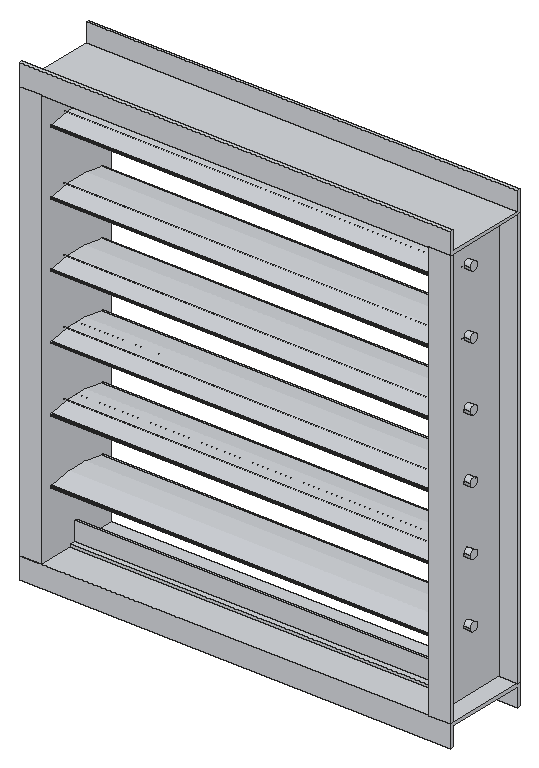
Revit family "NAH-720-3,721-3", category Mechanical Equipment, Revit 2015
Parameters
  URL = "http://unitedenertech.com/catalog/pdf/C_21,22,23,24%20NAH-720-3.pdf"
  Type Comments = "Max. Single Section Size is (60\"w x 96\"h)"
  Model = "NAH-720-3, NAH-721-3"
  Manufacturer = "United Enertech Corporation"
  Keynote = "This model is only a representation of the product, blade position will vary from built dampers."
  Exact Width = 3' - 0"
  Exact Height = 3' - 3"
  Description = "Industrial Airfoil Blade Control Damper"
  Blade Spacing = 0' - 6"
  Blade Number [instance] = (Exact Height - 0' 3") / Blade Spacing  # 6
  BW [instance] = Exact Width - 0' 0 1/8"  # 2' - 11 7/8"
Reference planes (in)
  plane 1 "Center (Front/Back)": y = 0
  plane 2: z = 0
  plane 3 "Center (Left/Right)": x = 0
  plane 4: x = -18
  plane 5: x = 18
  plane 6: x = -20
  plane 7: x = 20
  plane 8: z = 39
  plane 9: z = 41
  plane 10: z = -2
  plane 11: y = 8
  plane 12: z = 36.0747
Forms (in)
  Extrusion 1, solid
    sketch origin (0, 0, 0) x (0, 1, 0) y (0, 0, 1)
      loop
        line (8, 41) -> (7.75, 41) -> (7.75, 39.25) -> (0.25, 39.25) -> (0.25, 41) -> (0, 41) -> (0, 39) -> (8, 39) -> (8, 41)
    from -20 to 20
  Extrusion 2, solid
    sketch origin (0, 0, 0) x (0, 1, 0) y (0, 0, 1)
      loop
        line (8, -2) -> (8, 0) -> (0, 0) -> (0, -2) -> (0.25, -2) -> (0.25, -0.25) -> (7.75, -0.25) -> (7.75, -2) -> (8, -2)
    from -20 to 20
  Extrusion 3, solid
    sketch origin (0, 0, 0) x (1, 0, 0) y (0, 1, 0)
      loop
        line (20, 8) -> (18, 8) -> (18, 0) -> (20, 0) -> (20, 0.25) -> (18.25, 0.25) -> (18.25, 7.75) -> (20, 7.75) -> (20, 8)
    from 0 to 39
  Extrusion 4, solid
    sketch origin (0, 0, 0) x (-1, 0, 0) y (0, -1, 0)
      loop
        line (20, -8) -> (20, -7.75) -> (18.25, -7.75) -> (18.25, -0.25) -> (20, -0.25) -> (20, 0) -> (18, 0) -> (18, -8) -> (20, -8)
    from 0 to 39
  Extrusion 5, solid
    sketch origin (0, 0, 0) x (0, 1, 0) y (0, 0, 1)
      loop
        line (4, 39) -> (4, 38.25) -> (4.25, 38.25) -> (4.25, 38.75) -> (4.75, 38.75) -> (4.75, 39) -> (4, 39)
    from -18 to 18
  Extrusion 6, solid
    sketch origin (0, 0, 0) x (0, 1, 0) y (0, 0, 1)
      loop
        line (4, 0) -> (4, 2) -> (3.75, 2) -> (3.75, 0.25) -> (3.25, 0.25) -> (3.25, 0) -> (4, 0)
    from -18 to 18
Dimensions and locks (in)
  equal spacing: plane 4, plane 3 "Center (Left/Right)", plane 5
  "Exact Width": plane 4 to plane 5
  locked: plane 5 to plane 7 at 2
  locked: plane 6 to plane 4 at 2
  "Exact Height": plane 8 to level
  locked: plane 9 to plane 8 at 2
  locked: level to plane 10 at 2
  locked: plane 8 to plane 12 at 2.9253
  equal spacing: group 1, group 2, group 3, group 4, group 5, group 6  (x2)
  equal spacing: group 6, group 5, group 4, group 3, group 2, group 1
  "Blade Spacing": nested 1 to nested 2
  aligned and locked: level to plane 2
  aligned and locked: Extrusion 2 to plane 6
  aligned and locked: Extrusion 1 to plane 6
  aligned and locked: plane 7 to Extrusion 1
  aligned and locked: plane 7 to Extrusion 2
  aligned and locked: Extrusion 4 to level
  aligned and locked: Extrusion 3 to level
  aligned and locked: plane 8 to Extrusion 4
  aligned and locked: plane 8 to Extrusion 3
  aligned and locked: plane 4 to Extrusion 5
  aligned and locked: plane 5 to Extrusion 5
  aligned and locked: plane 3 "Center (Left/Right)" to nested 1
  aligned and locked: plane 12 to nested 1
  aligned and locked: plane 5 to Extrusion 6
  aligned and locked: plane 4 to Extrusion 6
Automatic sketch dimensions
  Extrusion 1 sketch curve to plane 1 "Center (Front/Back)" = 0' - 0"
  Extrusion 1 sketch curve to plane 9 = 0' - 0"  (x2)
  Extrusion 1 sketch curve to plane 8 = 0' - 0"
  Extrusion 1 sketch curve to plane 11 = 0' - 0"
  Extrusion 1 sketch curve to plane 1 "Center (Front/Back)" = 0' - 0 1/4"
  Extrusion 1 sketch curve to plane 11 = 0' - 0 1/4"
  plane 8 to Extrusion 1 sketch curve = 0' - 0 1/4"
  Extrusion 2 sketch curve to plane 1 "Center (Front/Back)" = 0' - 0"
  Extrusion 2 sketch curve to plane 10 = 0' - 0"  (x2)
  Extrusion 2 sketch curve to level = 0' - 0"
  Extrusion 2 sketch curve to plane 11 = 0' - 0"
  Extrusion 2 sketch curve to plane 1 "Center (Front/Back)" = 0' - 0 1/4"
  Extrusion 2 sketch curve to plane 11 = 0' - 0 1/4"
  Extrusion 2 sketch curve to level = 0' - 0 1/4"
  Extrusion 3 sketch curve to plane 5 = 0' - 0"
  Extrusion 3 sketch curve to plane 7 = 0' - 0"  (x2)
  plane 1 "Center (Front/Back)" to Extrusion 3 sketch curve = 0' - 0"
  Extrusion 3 sketch curve to plane 11 = 0' - 0"
  plane 5 to Extrusion 3 sketch curve = 0' - 0 1/4"
  Extrusion 3 sketch curve to plane 1 "Center (Front/Back)" = 0' - 0 1/4"
  Extrusion 3 sketch curve to plane 11 = 0' - 0 1/4"
  Extrusion 4 sketch curve to plane 4 = 0' - 0"
  Extrusion 4 sketch curve to plane 6 = 0' - 0"  (x2)
  plane 1 "Center (Front/Back)" to Extrusion 4 sketch curve = 0' - 0"
  Extrusion 4 sketch curve to plane 11 = 0' - 0"
  Extrusion 4 sketch curve to plane 4 = 0' - 0 1/4"
  plane 1 "Center (Front/Back)" to Extrusion 4 sketch curve = 0' - 0 1/4"
  plane 11 to Extrusion 4 sketch curve = 0' - 0 1/4"
  Extrusion 5 sketch curve to plane 8 = 0' - 0"
  Extrusion 5 sketch curve to plane 8 = 0' - 0 1/4"
  Extrusion 5 sketch curve to plane 11 = 0' - 3 3/4"
  Extrusion 5 sketch curve to Extrusion 5 sketch curve = 0' - 0 1/2"  (x2)
  Extrusion 5 sketch curve to Extrusion 5 sketch curve = 0' - 0 1/4"
  Extrusion 6 sketch curve to level = 0' - 0"
  level to Extrusion 6 sketch curve = 0' - 0 1/4"
  Extrusion 6 sketch curve to plane 1 "Center (Front/Back)" = 0' - 3 1/4"
  Extrusion 6 sketch curve to Extrusion 6 sketch curve = 0' - 0 1/2"
  Extrusion 6 sketch curve to Extrusion 6 sketch curve = 0' - 0 1/4"
  Extrusion 6 sketch curve to Extrusion 6 sketch curve = 0' - 1 3/4"
Nested families (in)
  nested 1: "720-3 Blade" at (0, 4, 35.99064), type "720-3 Blade"
    with Blade Width 2' - 11 7/8"
  nested 2: "720-3 Blade" at (0, 4, 29.99064), type "720-3 Blade"
    with Blade Width 2' - 11 7/8"
  nested 3: "720-3 Blade" at (0, 4, 23.99064), type "720-3 Blade"
    with Blade Width 2' - 11 7/8"
  nested 4: "720-3 Blade" at (0, 4, 17.99064), type "720-3 Blade"
    with Blade Width 2' - 11 7/8"
  nested 5: "720-3 Blade" at (0, 4, 11.99064), type "720-3 Blade"
    with Blade Width 2' - 11 7/8"
  nested 6: "720-3 Blade" at (0, 4, 5.99064), type "720-3 Blade"
    with Blade Width 2' - 11 7/8"
Definition of nested family "720-3 Blade"
  Parameters (values of type "720-3 Blade")
    Blade Width = 2' - 0"
  Reference planes (in)
    plane 1 "Center (Front/Back)": y = 0
    plane 2: z = 0
    plane 3 "Center (Left/Right)": x = 0
    plane 4: x = -12
    plane 5: x = 12
    plane 6: x = 13
    plane 7: x = -13
  Forms (in)
    Extrusion 1, solid
      sketch origin (0, 3.7007, -1.1285) x (0, 1, 0) y (0, 0, 1)
        loop
          circle (-3.67997, 1.13786) r 0.375
      from -13 to 13
    Extrusion 2, solid
      sketch origin (0, 3.7007, -1.1285) x (0, 1, 0) y (0, 0, 1)
        loop
          line (-0.67997, 1.13786) -> (-0.67997, 1.21256) -> (-0.79524, 1.21256)
          arc (-0.79524, 1.21256) -> (-3.67997, 1.58756) -> (-6.56469, 1.21256) r 11.28303
          line (-6.56469, 1.21256) -> (-6.67997, 1.21256) -> (-6.67997, 1.13786) -> (-6.55497, 1.13786)
          arc (-6.55497, 1.13786) -> (-3.67997, 1.51286) -> (-0.80497, 1.13786) r 11.20833
          line (-0.80497, 1.13786) -> (-0.67997, 1.13786)
      from -12 to 12
    Extrusion 3, solid
      sketch origin (0, 3.7007, -1.1285) x (0, 1, 0) y (0, 0, 1)
        loop
          line (-6.67997, 1.13786) -> (-6.67997, 1.06316) -> (-6.56469, 1.06316)
          arc (-6.56469, 1.06316) -> (-3.67997, 0.68816) -> (-0.79524, 1.06316) r 11.28303
          line (-0.79524, 1.06316) -> (-0.67997, 1.06316) -> (-0.67997, 1.13786) -> (-0.80497, 1.13786)
          arc (-0.80497, 1.13786) -> (-3.67997, 0.76286) -> (-6.55497, 1.13786) r 11.20833
          line (-6.55497, 1.13786) -> (-6.67997, 1.13786)
      from -12 to 12
  Dimensions and locks (in)
    equal spacing: plane 4, plane 3 "Center (Left/Right)", plane 5
    "Blade Width": plane 4 to plane 5
    locked: plane 7 to plane 4 at 1
    locked: plane 5 to plane 6 at 1
    aligned and locked: level to plane 2
    aligned and locked: plane 5 to Extrusion 2
    aligned and locked: plane 4 to Extrusion 2
    aligned and locked: Extrusion 1 to plane 7
    aligned and locked: plane 6 to Extrusion 1
    aligned and locked: plane 5 to Extrusion 3
    aligned and locked: plane 4 to Extrusion 3
  Automatic sketch dimensions
    Extrusion 2 sketch curve to Extrusion 2 sketch curve = 0' - 0"  (x2)
    Extrusion 2 sketch curve to plane 1 "Center (Front/Back)" = 0' - 0.02073"
    Extrusion 2 sketch curve to plane 1 "Center (Front/Back)" = 0' - 2.89573"
    Extrusion 2 sketch curve to Extrusion 2 sketch curve = 0' - 0.00973"  (x2)
    Extrusion 2 sketch curve to Extrusion 2 sketch curve = 0' - 0.11527"
    Extrusion 2 sketch curve to level = 0' - 10.82397"
    level to Extrusion 2 sketch curve = 0' - 0.00936"
    Extrusion 2 sketch curve to Extrusion 2 sketch curve = 0' - 0.0747"  (x2)
    Extrusion 2 sketch curve to Extrusion 2 sketch curve = 0' - 0 1/8"
    Extrusion 3 sketch curve to Extrusion 3 sketch curve = 0' - 0"  (x2)
    level to Extrusion 3 sketch curve = 0' - 0.00936"
    Extrusion 3 sketch curve to Extrusion 3 sketch curve = 0' - 0.11527"  (x2)
    Extrusion 3 sketch curve to Extrusion 3 sketch curve = 0' - 0.00973"  (x2)
    Extrusion 3 sketch curve to plane 1 "Center (Front/Back)" = 0' - 0.02073"
    Extrusion 3 sketch curve to plane 1 "Center (Front/Back)" = 0' - 2.90546"
    Extrusion 3 sketch curve to level = 0' - 0.06534"
    Extrusion 3 sketch curve to Extrusion 3 sketch curve = 0' - 10.83333"
    Extrusion 3 sketch curve to Extrusion 3 sketch curve = 0' - 0.0747"
